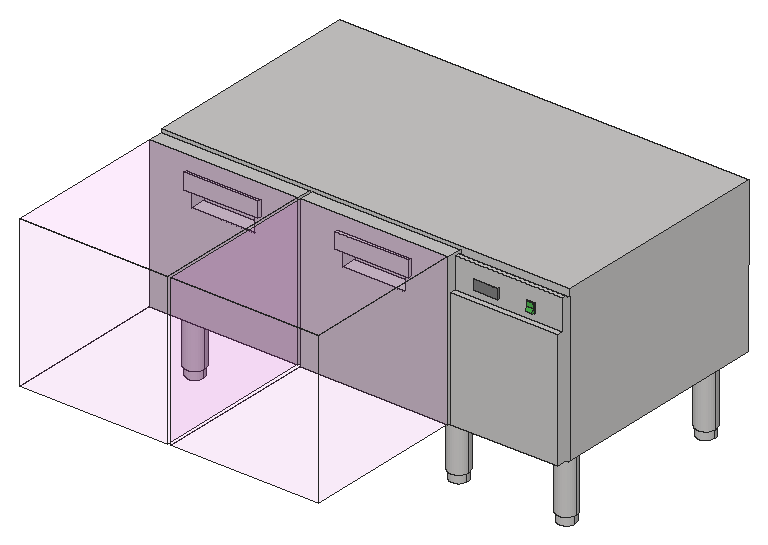
Revit family "QF_ELECTROLUXPROFESSIONAL_371294_E7TTEECOMIN", category Specialty Equipment, Revit 2018 (continued)
Automatic sketch dimensions
  Split face 149 sketch curve to Split face 149 sketch curve = 0.02 mm  (x2)
  Split face 149 sketch curve to Extrusion 4 = 22.519 mm
  Split face 149 sketch curve to Extrusion 4 = 41.004 mm
  Split face 149 sketch curve to Split face 149 sketch curve = 4 mm
  Split face 150 sketch curve to Extrusion 4 = 25.004 mm
  Split face 150 sketch curve to Extrusion 4 = 54.499 mm
  Split face 150 sketch curve to Split face 150 sketch curve = 0.02 mm  (x2)
  Split face 150 sketch curve to Extrusion 4 = 22.519 mm
  Split face 150 sketch curve to Split face 150 sketch curve = 4 mm
  Split face 151 sketch curve to Extrusion 4 = 24.901 mm
  Split face 151 sketch curve to Extrusion 4 = 54.499 mm
  Split face 151 sketch curve to Split face 151 sketch curve = 0.02 mm  (x2)
  Split face 151 sketch curve to Extrusion 4 = 22.519 mm
  Split face 151 sketch curve to Split face 151 sketch curve = 4 mm
  plane 4 to Extrusion 8 sketch curve = 1.587 mm
  Extrusion 8 sketch curve to plane 3 "Centro (Sinistra/Destra)" = 156.499 mm
  Extrusion 8 sketch curve to plane 17 = 8.498 mm
  Extrusion 8 sketch curve to plane 5 "TOP" = 9.006 mm
  Split face 152 sketch curve to Extrusion 4 = 20.5 mm
  Split face 152 sketch curve to Split face 152 sketch curve = 0.02 mm  (x2)
  Split face 152 sketch curve to Split face 152 sketch curve = 31.959 mm
  Split face 152 sketch curve to Extrusion 4 = 140.797 mm
  Split face 152 sketch curve to Split face 152 sketch curve = 4 mm
  Split face 153 sketch curve to Extrusion 4 = 20.5 mm
  Split face 153 sketch curve to Split face 153 sketch curve = 0.02 mm  (x2)
  Split face 153 sketch curve to Split face 153 sketch curve = 31.959 mm
  Split face 153 sketch curve to Extrusion 4 = 152.797 mm
  Split face 153 sketch curve to Split face 153 sketch curve = 4 mm
  Split face 154 sketch curve to Extrusion 4 = 20.5 mm
  Split face 154 sketch curve to Split face 154 sketch curve = 0.02 mm  (x2)
  Split face 154 sketch curve to Split face 154 sketch curve = 31.959 mm
  Split face 154 sketch curve to Extrusion 4 = 148.203 mm
  Split face 154 sketch curve to Split face 154 sketch curve = 4 mm
  Split face 155 sketch curve to Extrusion 4 = 65.502 mm
  Split face 155 sketch curve to Split face 155 sketch curve = 0.02 mm  (x2)
  Split face 155 sketch curve to Split face 155 sketch curve = 31.959 mm
  Split face 155 sketch curve to Extrusion 4 = 140.797 mm
  Split face 155 sketch curve to Split face 155 sketch curve = 4 mm
  Split face 156 sketch curve to Extrusion 4 = 65.502 mm
  Split face 156 sketch curve to Split face 156 sketch curve = 0.02 mm  (x2)
  Split face 156 sketch curve to Split face 156 sketch curve = 31.959 mm
  Split face 156 sketch curve to Extrusion 4 = 152.797 mm
  Split face 156 sketch curve to Split face 156 sketch curve = 4 mm
  Split face 157 sketch curve to Extrusion 4 = 65.502 mm
  Split face 157 sketch curve to Split face 157 sketch curve = 0.02 mm  (x2)
  Split face 157 sketch curve to Split face 157 sketch curve = 31.959 mm
  Split face 157 sketch curve to Extrusion 4 = 148.203 mm
  Split face 157 sketch curve to Split face 157 sketch curve = 4 mm
  Split face 158 sketch curve to Extrusion 4 = 110.502 mm
  Split face 158 sketch curve to Split face 158 sketch curve = 0.02 mm  (x2)
  Split face 158 sketch curve to Split face 158 sketch curve = 31.959 mm
  Split face 158 sketch curve to Extrusion 4 = 140.797 mm
  Split face 158 sketch curve to Split face 158 sketch curve = 4 mm
  Split face 159 sketch curve to Extrusion 4 = 110.502 mm
  Split face 159 sketch curve to Split face 159 sketch curve = 0.02 mm  (x2)
  Split face 159 sketch curve to Split face 159 sketch curve = 31.959 mm
  Split face 159 sketch curve to Extrusion 4 = 152.797 mm
  Split face 159 sketch curve to Split face 159 sketch curve = 4 mm
  Split face 160 sketch curve to Extrusion 4 = 110.502 mm
  Split face 160 sketch curve to Split face 160 sketch curve = 0.02 mm  (x2)
  Split face 160 sketch curve to Split face 160 sketch curve = 31.959 mm
  Split face 160 sketch curve to Extrusion 4 = 148.203 mm
  Split face 160 sketch curve to Split face 160 sketch curve = 4 mm
  Split face 161 sketch curve to Extrusion 4 = 155.502 mm
  Split face 161 sketch curve to Split face 161 sketch curve = 0.02 mm  (x2)
  Split face 161 sketch curve to Split face 161 sketch curve = 31.959 mm
  Split face 161 sketch curve to Extrusion 4 = 140.797 mm
  Split face 161 sketch curve to Split face 161 sketch curve = 4 mm
  Split face 162 sketch curve to Extrusion 4 = 155.502 mm
  Split face 162 sketch curve to Split face 162 sketch curve = 0.02 mm  (x2)
  Split face 162 sketch curve to Split face 162 sketch curve = 31.959 mm
  Split face 162 sketch curve to Extrusion 4 = 152.797 mm
  Split face 162 sketch curve to Split face 162 sketch curve = 4 mm
  Split face 163 sketch curve to Extrusion 4 = 155.502 mm
  Split face 163 sketch curve to Split face 163 sketch curve = 0.02 mm  (x2)
  Split face 163 sketch curve to Split face 163 sketch curve = 31.959 mm
  Split face 163 sketch curve to Extrusion 4 = 148.203 mm
  Split face 163 sketch curve to Split face 163 sketch curve = 4 mm
  Split face 164 sketch curve to Extrusion 4 = 144.498 mm
  Split face 164 sketch curve to Split face 164 sketch curve = 0.02 mm  (x2)
  Split face 164 sketch curve to Split face 164 sketch curve = 31.959 mm
  Split face 164 sketch curve to Extrusion 4 = 140.797 mm
  Split face 164 sketch curve to Split face 164 sketch curve = 4 mm
  Split face 165 sketch curve to Extrusion 4 = 144.498 mm
  Split face 165 sketch curve to Split face 165 sketch curve = 0.02 mm  (x2)
  Split face 165 sketch curve to Split face 165 sketch curve = 31.959 mm
  Split face 165 sketch curve to Extrusion 4 = 152.797 mm
  Split face 165 sketch curve to Split face 165 sketch curve = 4 mm
  Split face 166 sketch curve to Extrusion 4 = 144.498 mm
  Split face 166 sketch curve to Split face 166 sketch curve = 0.02 mm  (x2)
  Split face 166 sketch curve to Split face 166 sketch curve = 31.959 mm
  Split face 166 sketch curve to Extrusion 4 = 148.203 mm
  Split face 166 sketch curve to Split face 166 sketch curve = 4 mm
  Split face 167 sketch curve to Extrusion 4 = 99.499 mm
  Split face 167 sketch curve to Split face 167 sketch curve = 0.02 mm  (x2)
  Split face 167 sketch curve to Split face 167 sketch curve = 31.959 mm
  Split face 167 sketch curve to Extrusion 4 = 140.797 mm
  Split face 167 sketch curve to Split face 167 sketch curve = 4 mm
  Split face 168 sketch curve to Extrusion 4 = 99.499 mm
  Split face 168 sketch curve to Split face 168 sketch curve = 0.02 mm  (x2)
  Split face 168 sketch curve to Split face 168 sketch curve = 31.959 mm
  Split face 168 sketch curve to Extrusion 4 = 152.797 mm
  Split face 168 sketch curve to Split face 168 sketch curve = 4 mm
  Split face 169 sketch curve to Extrusion 4 = 99.499 mm
  Split face 169 sketch curve to Split face 169 sketch curve = 0.02 mm  (x2)
  Split face 169 sketch curve to Split face 169 sketch curve = 31.959 mm
  Split face 169 sketch curve to Extrusion 4 = 148.203 mm
  Split face 169 sketch curve to Split face 169 sketch curve = 4 mm
  Split face 170 sketch curve to Extrusion 4 = 54.499 mm
  Split face 170 sketch curve to Split face 170 sketch curve = 0.02 mm  (x2)
  Split face 170 sketch curve to Extrusion 4 = 22.519 mm
  Split face 170 sketch curve to Extrusion 4 = 140.797 mm
  Split face 170 sketch curve to Split face 170 sketch curve = 4 mm
  Split face 171 sketch curve to Extrusion 4 = 54.499 mm
  Split face 171 sketch curve to Split face 171 sketch curve = 0.02 mm  (x2)
  Split face 171 sketch curve to Extrusion 4 = 22.519 mm
  Split face 171 sketch curve to Extrusion 4 = 152.797 mm
  Split face 171 sketch curve to Split face 171 sketch curve = 4 mm
  Split face 172 sketch curve to Extrusion 4 = 54.499 mm
  Split face 172 sketch curve to Split face 172 sketch curve = 0.02 mm  (x2)
  Split face 172 sketch curve to Extrusion 4 = 22.519 mm
  Split face 172 sketch curve to Extrusion 4 = 148.203 mm
  Split face 172 sketch curve to Split face 172 sketch curve = 4 mm
  Extrusion 9 sketch curve to Extrusion 2 = 15 mm  (x2)
  Extrusion 2 to Extrusion 9 sketch curve = 31.031 mm
  Extrusion 9 sketch curve to Extrusion 2 = 13.969 mm
  plane 4 to Extrusion 10 sketch curve = 1.587 mm
  Extrusion 10 sketch curve to plane 17 = 8.498 mm
  Extrusion 10 sketch curve to plane 14 = 75.198 mm
  Extrusion 10 sketch curve to plane 3 "Centro (Sinistra/Destra)" = 32.799 mm
  Extrusion 10 sketch curve to plane 3 "Centro (Sinistra/Destra)" = 156.499 mm
  Extrusion 10 sketch curve to plane 5 "TOP" = 143.294 mm
  Extrusion 10 sketch curve to plane 5 "TOP" = 65 mm
  Extrusion 10 sketch curve to plane 5 "TOP" = 9.006 mm
  Extrusion 11 sketch curve to Extrusion 10 = 15 mm  (x2)
  Extrusion 10 to Extrusion 11 sketch curve = 31.031 mm
  Extrusion 11 sketch curve to Extrusion 10 = 13.969 mm
  Extrusion 1 sketch curve to plane 18 = 0 mm
  Extrusion 1 sketch curve to plane 9 "RIGHT" = 1 mm
  Extrusion 12 sketch curve to plane 20 = 0 mm
  Extrusion 12 sketch curve to plane 21 = 0 mm
  curve 1 to plane 6 "BACK" = 0 mm
  curve 1 to plane 18 = 0 mm
  curve 15 to plane 18 = 0 mm
  curve 5 to plane 11 = 0 mm
  curve 1 to plane 19 = 0 mm
  curve 11 to plane 3 "Centro (Sinistra/Destra)" = 164.999 mm
  curve 9 to curve 14 = 8.5 mm
  curve 12 to plane 17 = 8.498 mm
  curve 12 to curve 14 = 40 mm
  plane 18 to curve 5 = 20 mm
  curve 6 to curve 9 = 20 mm
  curve 10 to curve 7 = 20 mm
  curve 8 to curve 10 = 20 mm
  curve 10 to plane 7 "FRONT" = 123 mm
  curve 9 to curve 10 = 0 mm
  curve 13 to curve 12 = 0 mm
  curve 17 to plane 10 = 0 mm
  radius of Split face 2 sketch curve = 1.2 mm
  radius of Split face 3 sketch curve = 1.2 mm
  radius of Split face 4 sketch curve = 1.2 mm
  radius of Split face 5 sketch curve = 1.2 mm
  radius of Split face 6 sketch curve = 1.2 mm
  radius of Split face 7 sketch curve = 1.2 mm
  radius of Extrusion 12 sketch curve = 6 mm
Nested families
  nested 1: "Foot H200" at (-545, -249, 0), type "Foot H200"
  nested 2: "Foot H200" at (-545, 262, 0), type "Foot H200"
  nested 3: "Foot H200" at (229, -249, 0) x (-1, 0, 0) z (0, 0, 1), type "Foot H200"
  nested 4: "Foot H200" at (229, 262, 0) x (-1, 0, 0) z (0, 0, 1), type "Foot H200"
  nested 5: "Foot H200" at (545, -249, 0) x (-1, 0, 0) z (0, 0, 1), type "Foot H200"
  nested 6: "Foot H200" at (545, 262, 0) x (-1, 0, 0) z (0, 0, 1), type "Foot H200"
  nested 7: "01_Refrigerator_freezer" at (350, -150, 0), type "01_Refrigerator_freezer"
Connectors
  electrical at (560, 190, 189.987)
    settings: on Extrusion 12, index 1, voltage 0 V, apparent load 0 VA, apparent load phase1 0 VA, apparent load phase2 0 VA, apparent load phase3 0 VA, power factor 1, load classification "Altro", number of poles 1, system type 30, power factor state 1, is connector primary yes, connector utility no, sub classification motor no, connector description "Electrical"
Definition of nested family "Foot H200"
  Reference planes
    plane 1 "Centro (Fronte/Retro)": y = 0
    plane 2: z = 0
    plane 3 "Centro (Sinistra/Destra)": x = 0
    plane 4: z = 200
  Forms (mm)
    Revolve 1, solid
      sketch origin (255.05, 0, 608.09) x (0, 0, 1) y (-1, 0, 0)
        loop
          line (-608.09, 255.05) -> (-608.09, 230.05) -> (-583.09, 230.05) -> (-583.09, 226.05) -> (-408.09, 226.05) -> (-408.09, 255.05) -> (-608.09, 255.05)
        axis (-608.09, 255.05) -> (-408.09, 255.05)
      angle from 0 to 360
  Dimensions and locks
    Revolve 1 sketch curve to Revolve 1 sketch curve = 175 mm
    plane 4 to level = 200 mm
    aligned and locked: level to plane 2
    aligned and locked: plane 4 to Revolve 1 sketch curve
    aligned and locked: Revolve 1 sketch curve to level
    aligned and locked: plane 3 "Centro (Sinistra/Destra)" to Revolve 1 sketch curve
Definition of nested family "01_Refrigerator_freezer"
  Reference planes
    plane 1 "Center (Front/Back)": y = 0
    plane 2: z = 0
    plane 3 "Center (Left/Right)": x = 0
  Lines and regions (mm)
    detail lines, in view "Ref. Level"
      curve 1: line (-80, -60, 0) -> (-80, 60, 0)
      curve 2: line (-131.962, 30, 0) -> (-28.038, -30, 0)
      curve 3: line (-131.962, -30, 0) -> (-28.038, 30, 0)
      curve 4: line (-60.884, 56.873, 0) -> (-80, 35, 0)
      curve 5: line (-80, 35, 0) -> (-99.116, 56.873, 0)
      curve 6: line (-110.311, 17.5, 0) -> (-120, 45.883, 0)
      curve 7: line (-139.736, 11.7, 0) -> (-110.311, 17.5, 0)
      curve 8: line (-110.311, -17.5, 0) -> (-139.736, -11.7, 0)
      curve 9: line (-120, -45.883, 0) -> (-110.311, -17.5, 0)
      curve 10: line (-80, -35, 0) -> (-99.116, -56.873, 0)
      curve 11: line (-60.884, -56.873, 0) -> (-80, -35, 0)
      curve 12: line (-49.689, -17.5, 0) -> (-40.304, -44.992, 0)
      curve 13: line (-21.188, -11.882, 0) -> (-49.689, -17.5, 0)
      curve 14: line (-49.689, 17.5, 0) -> (-21.188, 11.882, 0)
      curve 15: line (-40.304, 44.992, 0) -> (-49.689, 17.5, 0)
      curve 16: spline (-200, 0, 0) -> (-193.185, -23.294, 0) -> (-173.205, -45, 0) -> (-141.421, -63.64, 0) -> (-100, -77.942, 0) -> (-51.764, -86.933, 0) -> (0, -90, 0) -> (51.764, -86.933, 0) -> (100, -77.942, 0) -> (141.421, -63.64, 0) -> (173.205, -45, 0) -> (193.185, -23.294, 0) -> (200, 0, 0) -> (193.185, 23.294, 0) -> (173.205, 45, 0) -> (141.421, 63.64, 0) -> (100, 77.942, 0) -> (51.764, 86.933, 0) -> (0, 90, 0) -> (-51.764, 86.933, 0) -> (-100, 77.942, 0) -> (-141.421, 63.64, 0) -> (-173.205, 45, 0) -> (-193.185, 23.294, 0) -> (-200, 0, 0)
      curve 17: line (80, -60, 0) -> (80, 60, 0)
      curve 18: line (131.962, 30, 0) -> (28.038, -30, 0)
      curve 19: line (131.962, -30, 0) -> (28.038, 30, 0)
      curve 20: line (60.884, 56.873, 0) -> (80, 35, 0)
      curve 21: line (80, 35, 0) -> (99.116, 56.873, 0)
      curve 22: line (110.311, 17.5, 0) -> (120, 45.883, 0)
      curve 23: line (139.736, 11.7, 0) -> (110.311, 17.5, 0)
      curve 24: line (110.311, -17.5, 0) -> (139.736, -11.7, 0)
      curve 25: line (120, -45.883, 0) -> (110.311, -17.5, 0)
      curve 26: line (80, -35, 0) -> (99.116, -56.873, 0)
      curve 27: line (60.884, -56.873, 0) -> (80, -35, 0)
      curve 28: line (49.689, -17.5, 0) -> (40.304, -44.992, 0)
      curve 29: line (21.188, -11.882, 0) -> (49.689, -17.5, 0)
      curve 30: line (49.689, 17.5, 0) -> (21.188, 11.882, 0)
      curve 31: line (40.304, 44.992, 0) -> (49.689, 17.5, 0)
Types (2, lengths in mm): name | URL | Manufacturer | Phase | Model | Description
  (no name) | 0 | 0 | 0 | 0 | 0
  Standard | "http://professional.electrolux.com" | "Electrolux Professional" | 1 | "E7TTEECOMIN" | "FREEZER BASE+2 DRAWERS -15°-20°C 1200MM - R290"
